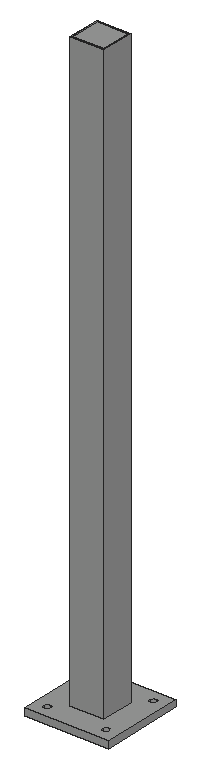
Revit family "Faux_Brick_Panel_Post", category Specialty Equipment, Revit 2026
Family settings
  Round Connector Dimension = Use Diameter
  Part Type = Normal
  Classification Number = 23.55.00.00
  Work Plane-Based = No
  Enable Cutting in Views = No
  Always vertical = No
  Cut with Voids When Loaded = No
  Maintain Annotation Orientation = No
  Shared = No
  Room Calculation Point = No
Parameters (values of type "Assembly")
  Warranty URL = "https://palmshieldlouvers.com/wp-content/uploads/2020/01/PalmSHIELD-Warranty-NO-SIGN-LINE.pdf"
  Version = "2020 - v1.0a"  # constant formula
  URL = "https://palmshieldlouvers.com/"
  Product Page URL = "https://palmshieldlouvers.com/products/brick-infill/"
  Product Documentation Link = "Contact Manufacturer for More Information"
  Model = "Faux Concrete"  # constant formula
  Material = Metal - PalmSHIELD - Dusty Grey
  Manufacturer Phone Number = "531-329-4406 "  # constant formula
  Manufacturer Email = "mailto: info@palmshieldlouvers.com"
  Manufacturer Address = "12330 Cary Circle, La Vista, NE 68128"  # constant formula
  Manufacturer = "PalmSHIELD"  # constant formula
  Keynote = "05 10 00"
  Instruction Sheet Link = "https://palmshieldlouvers.com/wp-content/uploads/2020/01/PalmSHIELD-Post-Panel-Gate-Installation-Instructions-REV-1.pdf"
  ID [instance] = "Not Assigned"
  Height [instance] = if(Desired Overall Height < C Min Height, C Min Height, if(Desired Overall Height > C Max Height, C Max Height, Desired Overall Height))  # 6' - 0"
  Desired Overall Height [instance] = 6' - 0"
  Description = "Faux Concrete - Aluminum - Square Post"  # constant formula
  Default Elevation = 0' - 0"
  Copyright = "Copyright ©2024 The American Fence Company and PalmSHIELD. All Rights Reserved."  # constant formula
  Component Vis [instance] = yes
  Component Name [instance] = "Faux Concrete - Square Post"  # constant formula
  C Post Width = 0' - 4"  # constant formula
  C Min Height [instance] = 3' - 4"  # constant formula
  C Max Height [instance] = 12' - 0"  # constant formula
  Assembly Code = "F1020100"
Reference planes (in)
  plane 1 "Center (Front/Back)": y = 0
  plane 2: z = 0
  plane 3 "Center (Left/Right)": x = 0
  plane 4: z = 72
  plane 5: y = 2
  plane 6: y = -2
  plane 7: x = 2
  plane 8: x = -2
Lines and regions (in)
  reference lines
    curve 1: line (-24.29961, 0, 72) -> (24.70039, 0, 72)
Dimensions and locks (in)
  "Desired Overall Height": curve 1 to plane 2
  "Height": plane 4 to plane 2
  equal spacing: plane 8, plane 3 "Center (Left/Right)", plane 7
  equal spacing: plane 5, plane 1 "Center (Front/Back)", plane 6
  "C Post Width": plane 5 to plane 6
  "C Post Width": plane 8 to plane 7
  aligned and locked: plane 2 to level
Automatic sketch dimensions
  curve 1 to plane 8 = 1' - 10.29961"
  curve 1 to plane 7 = 1' - 10.70039"
Nested families (in)
  nested 1: "Screening-Louver-Assembly-Post-Palmshield-Faux_Brick" at (0, 0, 0), Desired Overall Height <- "Desired Overall Height", ID <- "ID", Component Vis <- "Component Vis", type "Assembly"
    with Overall Height 6' - 0", ID "Not Assigned", Desired Overall Height 6' - 0", Component Vis yes, Component Name "Faux Brick - Post Assembly"
  nested 2: "Nested_Component-Base_Plate-Palmshield-Faux_Brick" at (0, 0, 0), type "10" x 10" x 3/4""
    with Material Metal - PalmSHIELD - Dusty Grey, ID "Not Assigned", Component Name "Faux Brick - Aluminum - Base Plate"
  nested 3: "Nested_Component-Square_Post-Aluminum-Palmshield-Faux_Brick" at (0, 0, 0.75), type "4" X 4" X 1/8" SQ. TUBE"
    with Material Metal - PalmSHIELD - Dusty Grey, Length 5' - 11 1/4", ID "Not Assigned", Component Name "Faux Brick - Aluminum - Square Post"
  nested 4: "Nested_Component-Top_Cap-Palmshield-Faux_Brick" at (0, 0, 72) x (1, 0, 0) z (0, 0, -1), type "3 3/4" x 3 3/4" x 1/8""
    with Material Metal - PalmSHIELD - Dusty Grey, ID "Not Assigned", Component Name "Faux Brick - Aluminum - Square Top Cap"
Definition of nested family "Nested_Component-Base_Plate-Palmshield-Faux_Brick"
  Parameters (values of type "10" x 10" x 3/4"")
    Width = if(Constraints = 1, 0' 10", 1' 2")  # 0' - 10"
    Warranty URL = "https://palmshieldlouvers.com/wp-content/uploads/2020/01/PalmSHIELD-Warranty-NO-SIGN-LINE.pdf"
    Version = "2020 - v1.0a"  # constant formula
    URL = "https://palmshieldlouvers.com/"
    Thickness = 0' - 0 3/4"  # constant formula
    Product Page URL = "https://palmshieldlouvers.com/products/brick-infill/"
    Product Documentation Link = "Contact Manufacturer for More Information"
    Model = "Faux Brick"  # constant formula
    Material [instance] = none
    Manufacturer Phone Number = "531-329-4406 "  # constant formula
    Manufacturer Fax Number = "Consult Manufacturer Website for More Information"  # constant formula
    Manufacturer Email = "mailto: info@palmshieldlouvers.com"
    Manufacturer Address = "12330 Cary Circle, La Vista, NE 68128"  # constant formula
    Manufacturer = "PalmSHIELD"  # constant formula
    Keynote = "05 10 00"
    Instruction Sheet Link = "http://palmshieldlouvers.com/wp-content/uploads/2020/01/PalmSHIELD-Post-Panel-Gate-Installation-Instructions-REV-1.pdf"
    ID [instance] = ""
    Hole Diameter = 0' - 0 3/4"  # constant formula
    Height = 0' - 10"  # constant formula
    Description = "Faux Brick - Base Plate"  # constant formula
    Default Elevation = 4' - 0"
    Copyright = "Copyright ©2024 The American Fence Company and PalmSHIELD. All Rights Reserved."  # constant formula
    Constraints = 1
    Component Name [instance] = "Faux Brick - Aluminum - Base Plate"  # constant formula
    C Hole Offset = 0' - 1 1/2"  # constant formula
    Assembly Code = "F1020100"
  Reference planes (in)
    plane 1 "Center (Front/Back)": y = 0
    plane 2: z = 0
    plane 3 "Center (Left/Right)": x = 0
    plane 4: y = 5
    plane 5: x = 5
    plane 6: y = -5
    plane 7: x = -5
    plane 8: z = 0.75
  Forms (in)
    Extrusion 1, solid
      sketch origin (0, 0, 0) x (1, 0, 0) y (0, 1, 0)
        loop
          line (-48, 48) -> (-48, -48) -> (48, -48) -> (48, 48) -> (-48, 48)
      from 0 to -12
    Extrusion 2, solid, material <- "Material"
      sketch origin (0, 0, 0) x (1, 0, 0) y (0, 1, 0)
        loop
          line (-5, 5) -> (-5, -5) -> (5, -5) -> (5, 5) -> (-5, 5)
        loop
          circle (-3.5, 3.5) r 0.375
        loop
          circle (3.5, 3.5) r 0.375
        loop
          circle (-3.5, -3.5) r 0.375
        loop
          circle (3.5, -3.5) r 0.375
      from 0 to 0.75
  Dimensions and locks (in)
    equal spacing: plane 7, plane 3 "Center (Left/Right)", plane 5
    equal spacing: plane 4, plane 1 "Center (Front/Back)", plane 6
    "Width": plane 7 to plane 5
    "Height": plane 4 to plane 6
    "C Hole Offset": plane 7 to Extrusion 2 sketch curve  (x2)
    "C Hole Offset": Extrusion 2 sketch curve to plane 5  (x2)
    "C Hole Offset": plane 4 to Extrusion 2 sketch curve  (x2)
    "C Hole Offset": plane 6 to Extrusion 2 sketch curve  (x2)
    "Thickness": plane 8 to plane 2
    "Width": Extrusion 2 to Extrusion 2
    "Hole Diameter": diameter of Extrusion 2 sketch curve  (x4)
    aligned and locked: plane 2 to Extrusion 1
    aligned and locked: level to Extrusion 1
    aligned and locked: Extrusion 2 sketch curve to plane 4
    aligned and locked: plane 7 to Extrusion 2 sketch curve
    aligned and locked: Extrusion 2 sketch curve to plane 6
    aligned and locked: Extrusion 2 sketch curve to plane 5
    aligned and locked: plane 8 to Extrusion 2
  Automatic sketch dimensions
    Extrusion 1 sketch curve to Extrusion 1 sketch curve = 8' - 0"  (x2)
Definition of nested family "Nested_Component-Square_Post-Aluminum-Palmshield-Faux_Brick"
  Parameters (values of type "4" X 4" X 1/8" SQ. TUBE")
    Width = 0' - 4"  # constant formula
    Warranty URL = "https://palmshieldlouvers.com/wp-content/uploads/2020/01/PalmSHIELD-Warranty-NO-SIGN-LINE.pdf"
    Version = "2020 - v1.0a"  # constant formula
    URL = "https://palmshieldlouvers.com/"
    Thickness = 0' - 0 1/8"  # constant formula
    Product Page URL = "https://palmshieldlouvers.com/products/brick-infill/"
    Product Documentation Link = "Contact Manufacturer for More Information"
    Model = "Faux Brick"  # constant formula
    Material [instance] = none
    Manufacturer Phone Number = "531-329-4406 "  # constant formula
    Manufacturer Fax Number = "Consult Manufacturer Website for More Information"  # constant formula
    Manufacturer Email = "mailto: info@palmshieldlouvers.com"
    Manufacturer Address = "12330 Cary Circle, La Vista, NE 68128"  # constant formula
    Manufacturer = "PalmSHIELD"  # constant formula
    Length [instance] = 4' - 4.86713"
    Keynote = "05 10 00"
    Instruction Sheet Link = "http://palmshieldlouvers.com/wp-content/uploads/2020/01/PalmSHIELD-Post-Panel-Gate-Installation-Instructions-REV-1.pdf"
    ID [instance] = ""
    Description = "Faux Brick - Post"  # constant formula
    Default Elevation = 4' - 0"
    Copyright = "Copyright ©2024 The American Fence Company and PalmSHIELD. All Rights Reserved."  # constant formula
    Component Name [instance] = "Faux Brick - Aluminum - Square Post"  # constant formula
    Assembly Code = "F1020100"
  Reference planes (in)
    plane 1 "Center (Front/Back)": y = 0
    plane 2: z = 0
    plane 3 "Center (Left/Right)": x = 0
    plane 4: z = 52.86713
    plane 5: x = 2
    plane 6: x = -2
  Forms (in)
    Extrusion 1, solid
      sketch origin (0, 0, 0) x (1, 0, 0) y (0, 1, 0)
        loop
          line (-48, 48) -> (-48, -48) -> (48, -48) -> (48, 48) -> (-48, 48)
      from 0 to -12
    Sweep 2, solid, material <- "Material"
      path origin (0, 0, 0) x (0, 1, 0) y (0, 0, 1)
        loop
          line (0, 0) -> (0, 52.86713)
      profile "Profile-Palmshield-Square : 4" X 4" X 1/8" SQ. TUBE" origin (0, 0, 26.43357) x (0, -1, 0) y (1, 0, 0)
        loop
          line (1.875, 1.875) -> (-1.875, 1.875) -> (-1.875, -1.875) -> (1.875, -1.875) -> (1.875, 1.875)
        loop
          line (-2, -2) -> (2, -2) -> (2, 2) -> (-2, 2) -> (-2, -2)
  Dimensions and locks (in)
    "Length": plane 4 to plane 2
    equal spacing: plane 5, plane 3 "Center (Left/Right)", plane 6
    "Width": plane 5 to plane 6
    aligned and locked: plane 2 to Extrusion 1
    aligned and locked: level to Extrusion 1
    aligned and locked: plane 1 "Center (Front/Back)" to Sweep 2 sketch curve
    aligned and locked: plane 4 to Sweep 2 sketch curve
  Automatic sketch dimensions
    Extrusion 1 sketch curve to Extrusion 1 sketch curve = 8' - 0"  (x2)
    Sweep 2 sketch curve to level = 0' - 0"
Definition of nested family "Nested_Component-Top_Cap-Palmshield-Faux_Brick"
  Parameters (values of type "3 3/4" x 3 3/4" x 1/8"")
    Width = 0' 4" - 2 * Thickness  # 0' - 3 3/4"
    Warranty URL = "https://palmshieldlouvers.com/wp-content/uploads/2020/01/PalmSHIELD-Warranty-NO-SIGN-LINE.pdf"
    Version = "2020 - v1.0a"  # constant formula
    URL = "https://palmshieldlouvers.com/"
    Thickness = 0' - 0 1/8"  # constant formula
    Product Page URL = "https://palmshieldlouvers.com/products/brick-infill/"
    Product Documentation Link = "Contact Manufacturer for More Information"
    Model = "Faux Brick"  # constant formula
    Material [instance] = none
    Manufacturer Phone Number = "531-329-4406 "  # constant formula
    Manufacturer Fax Number = "Consult Manufacturer Website for More Information"  # constant formula
    Manufacturer Email = "mailto: info@palmshieldlouvers.com"
    Manufacturer Address = "12330 Cary Circle, La Vista, NE 68128"  # constant formula
    Manufacturer = "PalmSHIELD"  # constant formula
    Keynote = "05 10 00"
    Instruction Sheet Link = "http://palmshieldlouvers.com/wp-content/uploads/2020/01/PalmSHIELD-Post-Panel-Gate-Installation-Instructions-REV-1.pdf"
    ID [instance] = ""
    Description = "Faux Brick - Top Cap"  # constant formula
    Default Elevation = 4' - 0"
    Copyright = "Copyright ©2024 The American Fence Company and PalmSHIELD. All Rights Reserved."  # constant formula
    Component Name [instance] = "Faux Brick - Aluminum - Square Top Cap"  # constant formula
    Assembly Code = "F1020100"
  Reference planes (in)
    plane 1 "Center (Front/Back)": y = 0
    plane 2: z = 0
    plane 3 "Center (Left/Right)": x = 0
    plane 4: y = 1.875
    plane 5: x = 1.875
    plane 6: y = -1.875
    plane 7: x = -1.875
    plane 8: z = 0.125
  Forms (in)
    Extrusion 1, solid
      sketch origin (0, 0, 0) x (1, 0, 0) y (0, 1, 0)
        loop
          line (-48, 48) -> (-48, -48) -> (48, -48) -> (48, 48) -> (-48, 48)
      from 0 to -12
    Extrusion 2, solid, material <- "Material"
      sketch origin (0, 0, 0) x (1, 0, 0) y (0, 1, 0)
        loop
          line (-1.875, 1.875) -> (-1.875, -1.875) -> (1.875, -1.875) -> (1.875, 1.875) -> (-1.875, 1.875)
      from 0 to 0.125
  Dimensions and locks (in)
    equal spacing: plane 7, plane 3 "Center (Left/Right)", plane 5
    equal spacing: plane 4, plane 1 "Center (Front/Back)", plane 6
    "Width": plane 7 to plane 5
    "Width": plane 4 to plane 6
    "Thickness": plane 8 to plane 2
    aligned and locked: plane 2 to Extrusion 1
    aligned and locked: level to Extrusion 1
    aligned and locked: Extrusion 2 sketch curve to plane 4
    aligned and locked: plane 7 to Extrusion 2 sketch curve
    aligned and locked: Extrusion 2 sketch curve to plane 6
    aligned and locked: Extrusion 2 sketch curve to plane 5
    aligned and locked: plane 8 to Extrusion 2
  Automatic sketch dimensions
    Extrusion 1 sketch curve to Extrusion 1 sketch curve = 8' - 0"  (x2)
Definition of nested family "Screening-Louver-Assembly-Post-Palmshield-Faux_Brick"
  Parameters (values of type "Assembly")
    Width = 0' - 4"  # constant formula
    Warranty URL = "https://palmshieldlouvers.com/wp-content/uploads/2020/01/PalmSHIELD-Warranty-NO-SIGN-LINE.pdf"
    Version = "2020 - v1.0a"  # constant formula
    URL = "https://palmshieldlouvers.com/"
    Top Cap Thickness = 0' - 0 1/8"  # constant formula
    Product Page URL = "https://palmshieldlouvers.com/products/brick-infill/"
    Product Documentation Link = "Contact Manufacturer for More Information"
    Overall Height [instance] = if(Desired Overall Height < 3' 0", 3' 0", if(Desired Overall Height > 12' 0", 12' 0", Desired Overall Height))  # 6' - 0"
    Model = "Faux Brick"  # constant formula
    Material = none
    Manufacturer Phone Number = "531-329-4406 "  # constant formula
    Manufacturer Fax Number = "Consult Manufacturer Website for More Information"  # constant formula
    Manufacturer Email = "mailto: info@palmshieldlouvers.com"
    Manufacturer Address = "12330 Cary Circle, La Vista, NE 68128"  # constant formula
    Manufacturer = "PalmSHIELD"  # constant formula
    Keynote = "05 10 00"
    Instruction Sheet Link = "https://palmshieldlouvers.com/wp-content/uploads/2020/01/PalmSHIELD-Post-Panel-Gate-Installation-Instructions-REV-1.pdf"
    ID [instance] = "Not Assigned"
    Desired Overall Height [instance] = 6' - 0"
    Description = "Faux Brick"  # constant formula
    Default Elevation = 4' - 0"
    Copyright = "Copyright ©2024 The American Fence Company and PalmSHIELD. All Rights Reserved."  # constant formula
    Component Vis [instance] = yes
    Component Name [instance] = "Faux Brick - Post Assembly"  # constant formula
    Base Plate Thickness = 0' - 0 3/4"  # constant formula
    Assembly Code = "F1020100"
  Reference planes (in)
    plane 1 "Center (Front/Back)": y = 0
    plane 2: z = 0
    plane 3 "Center (Left/Right)": x = 0
    plane 4: x = 2
    plane 5: x = -2
    plane 6: z = 72
    plane 7: z = 2
  Forms (in)
    Extrusion 1, solid
      sketch origin (0, 0, 0) x (1, 0, 0) y (0, 1, 0)
        loop
          line (-48, 48) -> (-48, -48) -> (48, -48) -> (48, 48) -> (-48, 48)
      from 0 to -12
  Lines and regions (in)
    reference lines
      curve 1: line (-64.16684, 0, 72) -> (79.83316, 0, 72)
  Dimensions and locks (in)
    equal spacing: plane 4, plane 3 "Center (Left/Right)", plane 5
    "Width": plane 4 to plane 5
    plane 7 to plane 2 = 0' - 2"
    "Overall Height": plane 6 to plane 2
    "Desired Overall Height": curve 1 to plane 2
    plane 3 "Center (Left/Right)" to nested 2 = 0' - 0"
    plane 3 "Center (Left/Right)" to nested 3 = 0' - 0"
    aligned and locked: plane 2 to Extrusion 1
    aligned and locked: level to Extrusion 1
    aligned and locked: plane 1 "Center (Front/Back)" to nested 1
    aligned and locked: plane 1 "Center (Front/Back)" to nested 3
    aligned and locked: plane 6 to nested 2
    aligned and locked: plane 3 "Center (Left/Right)" to nested 1
  Automatic sketch dimensions
    Extrusion 1 sketch curve to Extrusion 1 sketch curve = 8' - 0"  (x2)
    curve 1 to plane 5 = 5' - 2.16684"
    plane 4 to curve 1 = 6' - 5.83316"
  Nested families (in)
    nested 1: "Nested_Component-Base_Plate-Palmshield-Faux_Brick" at (0, 0, 0), ID <- "ID", Material <- "Material", visible <- "Component Vis", type "10" x 10" x 3/4""
      with Material none, ID "Not Assigned", Component Name "Faux Brick - Aluminum - Base Plate"
    nested 2: "Nested_Component-Square_Post-Aluminum-Palmshield-Faux_Brick" at (0, 0, 0.75), ID <- "ID", Material <- "Material", visible <- "Component Vis", type "4" X 4" X 1/8" SQ. TUBE"
      with Material none, Length 5' - 11 1/4", ID "Not Assigned", Component Name "Faux Brick - Aluminum - Square Post"
    nested 3: "Nested_Component-Top_Cap-Palmshield-Faux_Brick" at (0, 0, 72) x (1, 0, 0) z (0, 0, -1), ID <- "ID", Material <- "Material", visible <- "Component Vis", type "3 3/4" x 3 3/4" x 1/8""
      with Material none, ID "Not Assigned", Component Name "Faux Brick - Aluminum - Square Top Cap"
  Definition of nested family "Nested_Component-Base_Plate-Palmshield-Faux_Brick"
    Parameters (values of type "10" x 10" x 3/4"")
      Width = if(Constraints = 1, 0' 10", 1' 2")  # 0' - 10"
      Warranty URL = "https://palmshieldlouvers.com/wp-content/uploads/2020/01/PalmSHIELD-Warranty-NO-SIGN-LINE.pdf"
      Version = "2020 - v1.0a"  # constant formula
      URL = "https://palmshieldlouvers.com/"
      Thickness = 0' - 0 3/4"  # constant formula
      Product Page URL = "https://palmshieldlouvers.com/products/brick-infill/"
      Product Documentation Link = "Contact Manufacturer for More Information"
      Model = "Faux Brick"  # constant formula
      Material [instance] = none
      Manufacturer Phone Number = "531-329-4406 "  # constant formula
      Manufacturer Fax Number = "Consult Manufacturer Website for More Information"  # constant formula
      Manufacturer Email = "mailto: info@palmshieldlouvers.com"
      Manufacturer Address = "12330 Cary Circle, La Vista, NE 68128"  # constant formula
      Manufacturer = "PalmSHIELD"  # constant formula
      Keynote = "05 10 00"
      Instruction Sheet Link = "http://palmshieldlouvers.com/wp-content/uploads/2020/01/PalmSHIELD-Post-Panel-Gate-Installation-Instructions-REV-1.pdf"
      ID [instance] = ""
      Hole Diameter = 0' - 0 3/4"  # constant formula
      Height = 0' - 10"  # constant formula
      Description = "Faux Brick - Base Plate"  # constant formula
      Default Elevation = 4' - 0"
      Copyright = "Copyright ©2024 The American Fence Company and PalmSHIELD. All Rights Reserved."  # constant formula
      Constraints = 1
      Component Name [instance] = "Faux Brick - Aluminum - Base Plate"  # constant formula
      C Hole Offset = 0' - 1 1/2"  # constant formula
      Assembly Code = "F1020100"
    Reference planes (in)
      plane 1 "Center (Front/Back)": y = 0
      plane 2: z = 0
      plane 3 "Center (Left/Right)": x = 0
      plane 4: y = 5
      plane 5: x = 5
      plane 6: y = -5
      plane 7: x = -5
      plane 8: z = 0.75
    Forms (in)
      Extrusion 1, solid
        sketch origin (0, 0, 0) x (1, 0, 0) y (0, 1, 0)
          loop
            line (-48, 48) -> (-48, -48) -> (48, -48) -> (48, 48) -> (-48, 48)
        from 0 to -12
      Extrusion 2, solid, material <- "Material"
        sketch origin (0, 0, 0) x (1, 0, 0) y (0, 1, 0)
          loop
            line (-5, 5) -> (-5, -5) -> (5, -5) -> (5, 5) -> (-5, 5)
          loop
            circle (-3.5, 3.5) r 0.375
          loop
            circle (3.5, 3.5) r 0.375
          loop
            circle (-3.5, -3.5) r 0.375
          loop
            circle (3.5, -3.5) r 0.375
        from 0 to 0.75
    Dimensions and locks (in)
      equal spacing: plane 7, plane 3 "Center (Left/Right)", plane 5
      equal spacing: plane 4, plane 1 "Center (Front/Back)", plane 6
      "Width": plane 7 to plane 5
      "Height": plane 4 to plane 6
      "C Hole Offset": plane 7 to Extrusion 2 sketch curve  (x2)
      "C Hole Offset": Extrusion 2 sketch curve to plane 5  (x2)
      "C Hole Offset": plane 4 to Extrusion 2 sketch curve  (x2)
      "C Hole Offset": plane 6 to Extrusion 2 sketch curve  (x2)
      "Thickness": plane 8 to plane 2
      "Width": Extrusion 2 to Extrusion 2
      "Hole Diameter": diameter of Extrusion 2 sketch curve  (x4)
      aligned and locked: plane 2 to Extrusion 1
      aligned and locked: level to Extrusion 1
      aligned and locked: Extrusion 2 sketch curve to plane 4
      aligned and locked: plane 7 to Extrusion 2 sketch curve
      aligned and locked: Extrusion 2 sketch curve to plane 6
      aligned and locked: Extrusion 2 sketch curve to plane 5
      aligned and locked: plane 8 to Extrusion 2
    Automatic sketch dimensions
      Extrusion 1 sketch curve to Extrusion 1 sketch curve = 8' - 0"  (x2)
  Definition of nested family "Nested_Component-Square_Post-Aluminum-Palmshield-Faux_Brick"
    Parameters (values of type "4" X 4" X 1/8" SQ. TUBE")
      Width = 0' - 4"  # constant formula
      Warranty URL = "https://palmshieldlouvers.com/wp-content/uploads/2020/01/PalmSHIELD-Warranty-NO-SIGN-LINE.pdf"
      Version = "2020 - v1.0a"  # constant formula
      URL = "https://palmshieldlouvers.com/"
      Thickness = 0' - 0 1/8"  # constant formula
      Product Page URL = "https://palmshieldlouvers.com/products/brick-infill/"
      Product Documentation Link = "Contact Manufacturer for More Information"
      Model = "Faux Brick"  # constant formula
      Material [instance] = none
      Manufacturer Phone Number = "531-329-4406 "  # constant formula
      Manufacturer Fax Number = "Consult Manufacturer Website for More Information"  # constant formula
      Manufacturer Email = "mailto: info@palmshieldlouvers.com"
      Manufacturer Address = "12330 Cary Circle, La Vista, NE 68128"  # constant formula
      Manufacturer = "PalmSHIELD"  # constant formula
      Length [instance] = 4' - 4.86713"
      Keynote = "05 10 00"
      Instruction Sheet Link = "http://palmshieldlouvers.com/wp-content/uploads/2020/01/PalmSHIELD-Post-Panel-Gate-Installation-Instructions-REV-1.pdf"
      ID [instance] = ""
      Description = "Faux Brick - Post"  # constant formula
      Default Elevation = 4' - 0"
      Copyright = "Copyright ©2024 The American Fence Company and PalmSHIELD. All Rights Reserved."  # constant formula
      Component Name [instance] = "Faux Brick - Aluminum - Square Post"  # constant formula
      Assembly Code = "F1020100"
    Reference planes (in)
      plane 1 "Center (Front/Back)": y = 0
      plane 2: z = 0
      plane 3 "Center (Left/Right)": x = 0
      plane 4: z = 52.86713
      plane 5: x = 2
      plane 6: x = -2
    Forms (in)
      Extrusion 1, solid
        sketch origin (0, 0, 0) x (1, 0, 0) y (0, 1, 0)
          loop
            line (-48, 48) -> (-48, -48) -> (48, -48) -> (48, 48) -> (-48, 48)
        from 0 to -12
      Sweep 2, solid, material <- "Material"
        path origin (0, 0, 0) x (0, 1, 0) y (0, 0, 1)
          loop
            line (0, 0) -> (0, 52.86713)
        profile "Profile-Palmshield-Square : 4" X 4" X 1/8" SQ. TUBE" origin (0, 0, 26.43357) x (0, -1, 0) y (1, 0, 0)
          loop
            line (1.875, 1.875) -> (-1.875, 1.875) -> (-1.875, -1.875) -> (1.875, -1.875) -> (1.875, 1.875)
          loop
            line (-2, -2) -> (2, -2) -> (2, 2) -> (-2, 2) -> (-2, -2)
    Dimensions and locks (in)
      "Length": plane 4 to plane 2
      equal spacing: plane 5, plane 3 "Center (Left/Right)", plane 6
      "Width": plane 5 to plane 6
      aligned and locked: plane 2 to Extrusion 1
      aligned and locked: level to Extrusion 1
      aligned and locked: plane 1 "Center (Front/Back)" to Sweep 2 sketch curve
      aligned and locked: plane 4 to Sweep 2 sketch curve
    Automatic sketch dimensions
      Extrusion 1 sketch curve to Extrusion 1 sketch curve = 8' - 0"  (x2)
      Sweep 2 sketch curve to level = 0' - 0"
  Definition of nested family "Nested_Component-Top_Cap-Palmshield-Faux_Brick"
    Parameters (values of type "3 3/4" x 3 3/4" x 1/8"")
      Width = 0' 4" - 2 * Thickness  # 0' - 3 3/4"
      Warranty URL = "https://palmshieldlouvers.com/wp-content/uploads/2020/01/PalmSHIELD-Warranty-NO-SIGN-LINE.pdf"
      Version = "2020 - v1.0a"  # constant formula
      URL = "https://palmshieldlouvers.com/"
      Thickness = 0' - 0 1/8"  # constant formula
      Product Page URL = "https://palmshieldlouvers.com/products/brick-infill/"
      Product Documentation Link = "Contact Manufacturer for More Information"
      Model = "Faux Brick"  # constant formula
      Material [instance] = none
      Manufacturer Phone Number = "531-329-4406 "  # constant formula
      Manufacturer Fax Number = "Consult Manufacturer Website for More Information"  # constant formula
      Manufacturer Email = "mailto: info@palmshieldlouvers.com"
      Manufacturer Address = "12330 Cary Circle, La Vista, NE 68128"  # constant formula
      Manufacturer = "PalmSHIELD"  # constant formula
      Keynote = "05 10 00"
      Instruction Sheet Link = "http://palmshieldlouvers.com/wp-content/uploads/2020/01/PalmSHIELD-Post-Panel-Gate-Installation-Instructions-REV-1.pdf"
      ID [instance] = ""
      Description = "Faux Brick - Top Cap"  # constant formula
      Default Elevation = 4' - 0"
      Copyright = "Copyright ©2024 The American Fence Company and PalmSHIELD. All Rights Reserved."  # constant formula
      Component Name [instance] = "Faux Brick - Aluminum - Square Top Cap"  # constant formula
      Assembly Code = "F1020100"
    Reference planes (in)
      plane 1 "Center (Front/Back)": y = 0
      plane 2: z = 0
      plane 3 "Center (Left/Right)": x = 0
      plane 4: y = 1.875
      plane 5: x = 1.875
      plane 6: y = -1.875
      plane 7: x = -1.875
      plane 8: z = 0.125
    Forms (in)
      Extrusion 1, solid
        sketch origin (0, 0, 0) x (1, 0, 0) y (0, 1, 0)
          loop
            line (-48, 48) -> (-48, -48) -> (48, -48) -> (48, 48) -> (-48, 48)
        from 0 to -12
      Extrusion 2, solid, material <- "Material"
        sketch origin (0, 0, 0) x (1, 0, 0) y (0, 1, 0)
          loop
            line (-1.875, 1.875) -> (-1.875, -1.875) -> (1.875, -1.875) -> (1.875, 1.875) -> (-1.875, 1.875)
        from 0 to 0.125
    Dimensions and locks (in)
      equal spacing: plane 7, plane 3 "Center (Left/Right)", plane 5
      equal spacing: plane 4, plane 1 "Center (Front/Back)", plane 6
      "Width": plane 7 to plane 5
      "Width": plane 4 to plane 6
      "Thickness": plane 8 to plane 2
      aligned and locked: plane 2 to Extrusion 1
      aligned and locked: level to Extrusion 1
      aligned and locked: Extrusion 2 sketch curve to plane 4
      aligned and locked: plane 7 to Extrusion 2 sketch curve
      aligned and locked: Extrusion 2 sketch curve to plane 6
      aligned and locked: Extrusion 2 sketch curve to plane 5
      aligned and locked: plane 8 to Extrusion 2
    Automatic sketch dimensions
      Extrusion 1 sketch curve to Extrusion 1 sketch curve = 8' - 0"  (x2)
